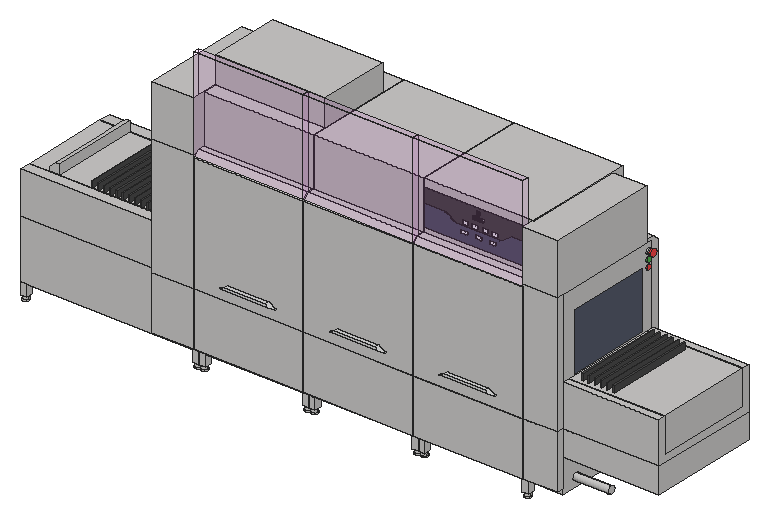
Revit family "QF_ELECTROLUXPROFESSIONAL_520708_EFTD052EL2U2D1M5R385", category Attrezzature speciali, Revit 2020
Family settings
  Quota connettore circolare = Usa diametro
  Tipo di parte = Normale
  Basato su piano di lavoro = No
  Sempre verticale = Sì
  Taglio con vuoti quando caricato = No
  Condiviso = No
  Punto di calcolo locali = No
Parameters (values of type "Standard")
  Weight = 923.00 kg
  Watts = 46500 W
  Volts = 380 V
  URL Manufacturer = "https://www.electroluxprofessional.com/"
  URL = "https://www.electroluxprofessional.com/"
  Steam Supply Size = 0 mm
  Steam Supply Minimum Pressure = 0.0 Pa
  Steam Supply Maximum Pressure = 0.0 Pa
  Steam Consumption per Hour = 0
  Show Logo [instance] = yes
  Show Clearance [instance] = yes
  Refrigeration Suction Line Size = 0 mm
  Refrigeration Liquid Line Size = 0 mm
  Refrigerant Compressor Remote = yes
  Prospetto di default = 0 mm
  Produttore = "Electrolux Professional"
  Phase = 3
  Modello = "EFTD052EL2U2D1M5R385"
  Length Actual = 4650 mm  # constant formula
  Item Number = "520708"
  Hot Water Size = 0 mm
  Height Actual = 1983 mm  # constant formula
  HP = "62.4 HP"
  Gas Size = 0 mm
  Gas KW = 0
  Gas Input Pressure = 0 W
  Direct Waste Size = 50.8 mm
  Descrizione = "FT, 1Tank, 5200D/H, El., 950mm loading, 1300mm unloading, 1Dryer, 55mm conveyor,R>L,380V50Hz3P"
  Depth Actual = 946 mm  # constant formula
  Cycle = 50 Hz
  Condensate Return Size = 0 mm
  Compressed Air Volume = 0.0 L/s
  Compressed Air Size = 0 mm
  Compressed Air Pressure = 0.0 Pa
  Cold Water Size = 0 mm
  Accessory = yes
Reference planes
  plane 1 "Centro (Fronte/Retro)": y = 0
  plane 2: z = 0
  plane 3 "Centro (Sinistra/Destra)": x = 0
  plane 4: z = 115
Forms (mm)
  Extrusion 1, solid, material "QF_Finishes_Stainless Steel"
    sketch origin (2582.404, 2, 1806.023) x (1, 0, 0) y (0, 0, 1)
      loop
        line (407.596, -163.023) -> (407.596, -183.023) -> (427.596, -183.023) -> (427.596, -163.023) -> (407.596, -163.023)
    from 0 to 2
  Extrusion 2, solid, material "QF_Finishes_Stainless Steel"
    sketch origin (-5.617, 22.464, 1290.159) x (0, 0, -1) y (0, 1, 0)
      loop
        circle (1102.159, -772.464) r 25
    from -9.383 to 5.617
  Extrusion 3, solid, material "QF_Finishes_Stainless Steel"
    sketch origin (3242.404, 2, 337.984) x (1, 0, 0) y (0, 0, 1)
      loop
        line (407.596, -163.023) -> (407.596, -183.023) -> (427.596, -183.023) -> (427.596, -163.023) -> (407.596, -163.023)
    from 0 to 2
  Extrusion 4, solid, material "QF_Finishes_Stainless Steel"
    sketch origin (647.841, 200.464, 109.383) x (1, 0, 0) y (0, 1, 0)
      loop
        circle (1102.159, -772.464) r 10
    from -9.383 to 5.617
  Extrusion 5, solid, material "QF_Finishes_Stainless Steel"
    sketch origin (718.841, 200.464, 109.383) x (1, 0, 0) y (0, 1, 0)
      loop
        circle (1102.159, -772.464) r 10
    from -9.383 to 5.617
  Extrusion 6, solid, material "QF_Finishes_Stainless Steel"
    sketch origin (4205.617, -1522.464, 1290.159) x (0, 0, -1) y (0, -1, 0)
      loop
        circle (1102.159, -772.464) r 25
    from -9.383 to 255.617
Dimensions and locks
  plane 4 to level = 115 mm
  aligned and locked: level to plane 2
Nested families
  nested 1: "MODULO_CENTER_800_FAN" at (1683.563, -388.258, 0), Show Clearance <- "Show Clearance", type "MODULO_CENTER_800_FAN"
    with Show Logo yes, Show Clearance yes, R_L no, L_R yes
  nested 2: "MODULO_CENTER_800" at (3283.563, -388.258, 0), Show Clearance <- "Show Clearance", type "MODULO_CENTER_800"
    with Show Logo yes, Show Clearance yes, R_L no, L_R yes
  nested 3: "MODULO_ENTRY_DISH_950" at (4091.437, -523.742, 0) x (-1, 0, 0) z (0, 0, 1), type "MODULO_ENTRY_DISH_950"
    with Show Logo yes, Show Clearance yes, R_L no, L_R yes
  nested 4: "MODULO_USCITA_DISH_1300" at (941.437, -523.742, 0) x (-1, 0, 0) z (0, 0, 1), type "MODULO_USCITA_DISH_1300"
    with Show Logo yes, Show Clearance yes, R_L yes, L_R no
  nested 5: "Piedino_Square_115H" at (23.5, -838.5, 0), type "Piedino_Square_115H"
  nested 6: "Piedino_Square_115H" at (23.5, -73.5, 0), type "Piedino_Square_115H"
  nested 7: "Piedino_Square_115H" at (1276.5, -838.5, 0), type "Piedino_Square_115H"
  nested 8: "Piedino_Square_115H" at (1276.5, -73.5, 0), type "Piedino_Square_115H"
  nested 9: "Piedino_Square_115H" at (1323.5, -838.5, 0), type "Piedino_Square_115H"
  nested 10: "Piedino_Square_115H" at (1323.5, -73.5, 0), type "Piedino_Square_115H"
  nested 11: "Piedino_Square_115H" at (2076.5, -838.5, 0), type "Piedino_Square_115H"
  nested 12: "Piedino_Square_115H" at (2076.5, -73.5, 0), type "Piedino_Square_115H"
  nested 13: "Piedino_Square_115H" at (2123.5, -838.5, 0) x (-1, 0, 0) z (0, 0, 1), type "Piedino_Square_115H"
  nested 14: "Piedino_Square_115H" at (2123.5, -73.5, 0) x (-1, 0, 0) z (0, 0, 1), type "Piedino_Square_115H"
  nested 15: "Piedino_Square_115H" at (2876.5, -838.5, 0) x (-1, 0, 0) z (0, 0, 1), type "Piedino_Square_115H"
  nested 16: "Piedino_Square_115H" at (2876.5, -73.5, 0) x (-1, 0, 0) z (0, 0, 1), type "Piedino_Square_115H"
  nested 17: "Piedino_Square_115H" at (2923.5, -838.5, 0), type "Piedino_Square_115H"
  nested 18: "Piedino_Square_115H" at (2923.5, -73.5, 0), type "Piedino_Square_115H"
  nested 19: "Piedino_Square_115H" at (3676.5, -838.5, 0), type "Piedino_Square_115H"
  nested 20: "Piedino_Square_115H" at (3676.5, -73.5, 0), type "Piedino_Square_115H"
  nested 21: "MANIGLIA_FLIGHT_400" at (3300, -912, 639.28) x (1, 0, 0) z (0, -1, 0), type "MANIGLIA_FLIGHT_400"
  nested 22: "MANIGLIA_FLIGHT_400" at (2500, -912, 639.28) x (1, 0, 0) z (0, -1, 0), type "MANIGLIA_FLIGHT_400"
  nested 23: "MANIGLIA_FLIGHT_400" at (1700, -912, 639.28) x (1, 0, 0) z (0, -1, 0), type "MANIGLIA_FLIGHT_400"
  nested 24: "Schermo_Flight_800" at (3300, -815, 1583) x (1, 0, 0) z (0, -1, 0), type "Schermo_Flight_800"
  nested 25: "ELX_LOGO_WORDS_WHITE" at (3300, -816.6, 1663) x (1, 0, 0) z (0, -1, 0), Show Logo <- "Show Logo", visible <- "Show Logo", type "ELX_LOGO_WORDS_WHITE"
    with Show Logo yes
  nested 26: "ELX_LOGO_MONO_SMALL_WHITE" at (3290.08, -816.6, 1649) x (-1, 0, 0) z (0, -1, 0), Show Logo <- "Show Logo", visible <- "Show Logo", type "ELX_LOGO_MONO_SMALL_WHITE"
    with Show Logo yes
  nested 27: "MODULO_CENTER_800" at (2516.437, -388.258, 0) x (-1, 0, 0) z (0, 0, 1), Show Clearance <- "Show Clearance", type "MODULO_CENTER_800"
    with Show Logo yes, Show Clearance yes, R_L no, L_R yes
Connectors
  electrical at (3000, 2, 1633)
    settings: on Extrusion 1, index 69, voltage 0 V, apparent load 0 VA, apparent load phase1 0 VA, apparent load phase2 0 VA, apparent load phase3 0 VA, power factor 1, load classification "Altro", number of poles 1, system type 30, power factor state 1, is connector primary yes, connector utility no, sub classification motor no, connector description "EI"
  piping at (-15, -750, 188), diameter 50
    settings: on Extrusion 2, index 70, connector inside diameter 609.6 mm, connector length 0 mm, flow factor 0, pipe flow 0.0 L/s, pressure drop 0.0 Pa, fitting loss kfactor 0, connector angle 0.00°, fixture units 0, engagement length 0 mm, angle of deflection 0.00°, flow configuration 0, flow direction 0, fitting loss method 0, system type 29, joint type 0, gender type 0, connector reference index -1, connector utility 0, adjustable connector no, is connector primary yes, connector description "D"
  electrical at (3660, 2, 164.961)
    settings: on Extrusion 3, index 71, voltage 0 V, apparent load 0 VA, apparent load phase1 0 VA, apparent load phase2 0 VA, apparent load phase3 0 VA, power factor 1, load classification "Altro", number of poles 1, system type 30, power factor state 1, is connector primary no, connector utility no, sub classification motor no, connector description "EQ"
  piping at (1750, -572, 100), diameter 19.1
    settings: on Extrusion 4, index 72, connector inside diameter 609.6 mm, connector length 0 mm, flow factor 0, pipe flow 0.0 L/s, pressure drop 0.0 Pa, fitting loss kfactor 0, connector angle 0.00°, fixture units 0, engagement length 0 mm, angle of deflection 0.00°, flow configuration 0, flow direction 0, fitting loss method 0, system type 29, joint type 0, gender type 0, connector reference index -1, connector utility 0, adjustable connector no, is connector primary no, connector description "HWI/CWI"
  piping at (1821, -572, 100), diameter 19.1
    settings: on Extrusion 5, index 73, connector inside diameter 609.6 mm, connector length 0 mm, flow factor 0, pipe flow 0.0 L/s, pressure drop 0.0 Pa, fitting loss kfactor 0, connector angle 0.00°, fixture units 0, engagement length 0 mm, angle of deflection 0.00°, flow configuration 0, flow direction 0, fitting loss method 0, system type 29, joint type 0, gender type 0, connector reference index -1, connector utility 0, adjustable connector no, is connector primary no, connector description "HWI/CWI"
  piping at (4215, -750, 188), diameter 50
    settings: on Extrusion 6, index 74, connector inside diameter 609.6 mm, connector length 0 mm, flow factor 0, pipe flow 0.0 L/s, pressure drop 0.0 Pa, fitting loss kfactor 0, connector angle 0.00°, fixture units 0, engagement length 0 mm, angle of deflection 0.00°, flow configuration 0, flow direction 0, fitting loss method 0, system type 29, joint type 0, gender type 0, connector reference index -1, connector utility 0, adjustable connector no, is connector primary no, connector description ""
Definition of nested family "MODULO_CENTER_800_FAN"
  Parameters (values of type "MODULO_CENTER_800_FAN")
    URL = "http://professional.electrolux.com"
    Show Logo [instance] = yes
    R_L [instance] = not(L_R)  # no
    Default Elevation = 0 mm
    Manufacturer = "Electrolux"
    Model = "ESR10E5"
    Length Actual = 800 mm
    Show Clearance [instance] = yes
    L_R [instance] = yes
    Height Actual = 1792 mm
    Description = "SINGLE RINSE RT, 100R/H, ELECTRIC 50HZ"
    Depth Actual = 912 mm
  Reference planes
    plane 1 "Center X": y = -67.742
    plane 2: z = 0
    plane 3 "LEFT": x = -383.563
    plane 4 "RIGHT": x = 416.437
    plane 5 "BACK": y = 388.258
    plane 6 "FEET": z = 115
    plane 7: z = 2092
    plane 8 "TOP": z = 1792
    plane 9 "FRONT": y = -523.742
    plane 10 "Left/Right": x = 16.437
    plane 11 "TopVent": z = 1983
  Forms (mm)
    Extrusion 1, solid
      sketch origin (416.437, 479.936, 4000) x (0, 1, 0) y (0, 0, 1)
        loop
          line (-91.678, -2208) -> (-906.678, -2208) -> (-906.678, -2580) -> (-91.678, -2580) -> (-91.678, -2208)
      from -800 to 0
    Extrusion 2, solid
      sketch origin (-383.563, 437.565, 3910) x (0, 1, 0) y (0, 0, 1)
        loop
          line (-99.307, -2490) -> (-911.307, -2490) -> (-911.307, -3552) -> (-99.307, -3552) -> (-99.307, -2490)
      from 800 to 0
    Extrusion 3, solid
      sketch origin (416.437, 479.936, 4299) x (0, 1, 0) y (0, 0, 1)
        loop
          line (-278.21, -2316) -> (-803.678, -2316) -> (-803.678, -2507) -> (-278.21, -2507) -> (-278.21, -2316)
      from -800 to 0
    Extrusion 4, solid
      sketch origin (16.437, 0, 1.5) x (0, 0, 1) y (0, -1, 0)
        loop
          line (356.5, -338.258) -> (356.5, 473.742) -> (113.5, 473.742) -> (113.5, -338.258) -> (356.5, -338.258)
      from 400 to -400
    Extrusion 5, solid
      sketch origin (16.437, 0, 0) x (0, 0, 1) y (0, -1, 0)
        loop
          line (1420, -338.258) -> (545, -338.258) -> (545, -388.258) -> (1420, -388.258) -> (1420, -338.258)
      from -400 to 400
    Extrusion 6, solid
      sketch origin (16.437, 0, 0) x (0, 0, 1) y (0, -1, 0)
        loop
          line (545, -388.258) -> (545, -338.258) -> (154, -338.258) -> (154, -388.258) -> (545, -388.258)
      from -400 to 400
    Extrusion 7, solid
      sketch origin (16.437, -882.484, -150) x (0, -1, 0) y (0, 0, 1)
        loop
          line (-358.742, 304) -> (-358.742, 695) -> (-408.742, 695) -> (-408.742, 304) -> (-358.742, 304)
      from -400 to 400
    Extrusion 8, solid
      sketch origin (16.437, -882.484, -151) x (0, -1, 0) y (0, 0, 1)
        loop
          line (-408.742, 1571) -> (-408.742, 696) -> (-358.742, 696) -> (-358.742, 1556) -> (-395.742, 1593) -> (-443.742, 1593) -> (-443.742, 1571) -> (-408.742, 1571)
      from -400 to 400
    Extrusion 9, solid, visible <- "Show Clearance"
      sketch origin (16.437, -882.484, 452) x (0, -1, 0) y (0, 0, 1)
        loop
          line (-408.742, 1640) -> (-408.742, 953.624) -> (-358.742, 953.624) -> (-358.742, 1640) -> (-408.742, 1640)
      from -400 to 400
  Dimensions and locks
    plane 3 "LEFT" to plane 4 "RIGHT" = 800 mm
    plane 5 "BACK" to plane 1 "Center X" to plane 9 "FRONT" = 456 mm, 456 mm
    plane 6 "FEET" to level = 115 mm  (x2)
    plane 6 "FEET" to plane 8 "TOP" = 1677 mm
    plane 5 "BACK" to plane 9 "FRONT" = 912 mm  (x2)
    plane 4 "RIGHT" to plane 3 "LEFT" = 800 mm
    plane 9 "FRONT" to plane 5 "BACK" = 912 mm
    level to plane 8 "TOP" = 1792 mm  (x2)
    plane 7 to level = 2092 mm
    plane 11 "TopVent" to plane 2 = 1983 mm
    plane 7 to plane 2 = 2092 mm
    Extrusion 2 to level = 1420 mm
    Extrusion 8 to level = 1442 mm
    plane 11 "TopVent" to level = 1983 mm
    aligned and locked: level to plane 2
Definition of nested family "MODULO_CENTER_800"
  Parameters (values of type "MODULO_CENTER_800")
    URL = "http://professional.electrolux.com"
    Show Logo [instance] = yes
    R_L [instance] = not(L_R)  # no
    Default Elevation = 0 mm
    Manufacturer = "Electrolux"
    Model = "ESR10E5"
    Length Actual = 800 mm
    Show Clearance [instance] = yes
    L_R [instance] = yes
    Height Actual = 1792 mm
    Description = "SINGLE RINSE RT, 100R/H, ELECTRIC 50HZ"
    Depth Actual = 912 mm
  Reference planes
    plane 1 "Center X": y = -67.742
    plane 2: z = 0
    plane 3 "LEFT": x = -383.563
    plane 4 "RIGHT": x = 416.437
    plane 5 "BACK": y = 388.258
    plane 6 "FEET": z = 115
    plane 7: z = 2092
    plane 8 "TOP": z = 1792
    plane 9 "FRONT": y = -523.742
    plane 10 "Left/Right": x = 16.437
  Forms (mm)
    Extrusion 1, solid
      sketch origin (416.437, 479.936, 4000) x (0, 1, 0) y (0, 0, 1)
        loop
          line (-91.678, -2208) -> (-906.678, -2208) -> (-906.678, -2580) -> (-91.678, -2580) -> (-91.678, -2208)
      from -800 to 0
    Extrusion 2, solid
      sketch origin (-383.563, 437.565, 3915) x (0, 1, 0) y (0, 0, 1)
        loop
          line (-99.307, -2495) -> (-911.307, -2495) -> (-911.307, -3557) -> (-99.307, -3557) -> (-99.307, -2495)
      from 800 to 0
    Extrusion 3, solid
      sketch origin (16.437, 0, 1.5) x (0, 0, 1) y (0, -1, 0)
        loop
          line (356.5, -338.258) -> (356.5, 473.742) -> (113.5, 473.742) -> (113.5, -338.258) -> (356.5, -338.258)
      from 400 to -400
    Extrusion 4, solid
      sketch origin (16.437, 0, 0) x (0, 0, 1) y (0, -1, 0)
        loop
          line (1420, -338.258) -> (545, -338.258) -> (545, -388.258) -> (1420, -388.258) -> (1420, -338.258)
      from -400 to 400
    Extrusion 5, solid
      sketch origin (16.437, 0, 0) x (0, 0, 1) y (0, -1, 0)
        loop
          line (545, -388.258) -> (545, -338.258) -> (154, -338.258) -> (154, -388.258) -> (545, -388.258)
      from -400 to 400
    Extrusion 6, solid
      sketch origin (16.437, -882.484, -150) x (0, -1, 0) y (0, 0, 1)
        loop
          line (-358.742, 304) -> (-358.742, 695) -> (-408.742, 695) -> (-408.742, 304) -> (-358.742, 304)
      from -400 to 400
    Extrusion 7, solid
      sketch origin (16.437, -882.484, -151) x (0, -1, 0) y (0, 0, 1)
        loop
          line (-408.742, 1571) -> (-408.742, 696) -> (-358.742, 696) -> (-358.742, 1556) -> (-395.742, 1593) -> (-443.742, 1593) -> (-443.742, 1571) -> (-408.742, 1571)
      from -400 to 400
    Extrusion 8, solid, visible <- "Show Clearance"
      sketch origin (16.437, -882.484, 452) x (0, -1, 0) y (0, 0, 1)
        loop
          line (-408.742, 1640) -> (-408.742, 953.624) -> (-358.742, 953.624) -> (-358.742, 1640) -> (-408.742, 1640)
      from -400 to 400
  Dimensions and locks
    plane 3 "LEFT" to plane 4 "RIGHT" = 800 mm
    plane 5 "BACK" to plane 1 "Center X" to plane 9 "FRONT" = 456 mm, 456 mm
    plane 6 "FEET" to level = 115 mm  (x2)
    plane 6 "FEET" to plane 8 "TOP" = 1677 mm
    plane 5 "BACK" to plane 9 "FRONT" = 912 mm  (x2)
    plane 4 "RIGHT" to plane 3 "LEFT" = 800 mm
    plane 9 "FRONT" to plane 5 "BACK" = 912 mm
    level to plane 8 "TOP" = 1792 mm  (x2)
    plane 7 to level = 2092 mm
    plane 7 to plane 2 = 2092 mm
    Extrusion 2 to level = 1420 mm
    Extrusion 7 to level = 1442 mm
    aligned and locked: level to plane 2
Definition of nested family "MODULO_ENTRY_DISH_950"
  Parameters (values of type "MODULO_ENTRY_DISH_950")
    URL = "http://professional.electrolux.com"
    Show Logo [instance] = yes
    R_L [instance] = not(L_R)  # no
    Default Elevation = 0 mm
    Manufacturer = "Electrolux"
    Model = "ESR10E5"
    Length Actual = 800 mm
    Show Clearance [instance] = yes
    L_R [instance] = yes
    Height Actual = 1792 mm
    Description = "SINGLE RINSE RT, 100R/H, ELECTRIC 50HZ"
    Depth Actual = 912 mm
  Reference planes
    plane 1 "Center (Front/Back)": y = -67.742
    plane 2: z = 0
    plane 3 "LEFT": x = -558.563
    plane 4 "RIGHT": x = 391.437
    plane 5 "BACK": y = 388.258
    plane 6 "FRONT": y = -523.742
    plane 7 "BUTTONS": y = -427.742
    plane 8: z = 115
    plane 9 "2": y = 292.258
  Forms (mm)
    Extrusion 1, solid, visible <- "L_R"
      sketch origin (391.437, 479.936, 4000) x (0, 1, 0) y (0, 0, 1)
        loop
          line (-91.678, -2208) -> (-906.678, -2208) -> (-906.678, -2580) -> (-91.678, -2580) -> (-91.678, -2208)
      from -250 to 0
    Extrusion 2, solid
      sketch origin (-358.563, 437.565, 3910) x (0, 1, 0) y (0, 0, 1)
        loop
          line (-99.307, -2490) -> (-911.307, -2490) -> (-911.307, -3552) -> (-99.307, -3552) -> (-99.307, -2490)
      from 750 to 500
    Extrusion 3, solid
      sketch origin (-558.563, 437.565, 3910) x (0, 1, 0) y (0, 0, 1)
        loop
          line (-99.307, -3365) -> (-99.307, -3060) -> (-149.307, -3060) -> (-149.307, -3315) -> (-861.307, -3315) -> (-861.307, -3060) -> (-911.307, -3060) -> (-911.307, -3365) -> (-99.307, -3365)
      from 700 to 0
    Extrusion 4, solid
      sketch origin (16.437, 0, -4.987) x (0, 0, 1) y (0, -1, 0)
        loop
          line (362.987, -338.258) -> (362.987, 473.742) -> (119.987, 473.742) -> (119.987, -338.258) -> (362.987, -338.258)
      from 375 to 125
    Extrusion 5, solid, visible <- "L_R"
      sketch origin (16.437, 0, 0) x (0, 0, 1) y (0, -1, 0)
        loop
          line (1420, -338.258) -> (545, -338.258) -> (545, -388.258) -> (1420, -388.258) -> (1420, -338.258)
      from 125 to 375
    Extrusion 6, solid
      sketch origin (16.437, 0, 0) x (0, 0, 1) y (0, -1, 0)
        loop
          line (545, -388.258) -> (545, -338.258) -> (154, -338.258) -> (154, -388.258) -> (545, -388.258)
      from 125 to 375
    Extrusion 7, solid
      sketch origin (-558.563, 437.565, 3607.258) x (0, 1, 0) y (0, 0, 1)
        loop
          line (-99.307, -3249.258) -> (-99.307, -3062.258) -> (-911.307, -3062.258) -> (-911.307, -3249.258) -> (-99.307, -3249.258)
      from 700 to 0
    Extrusion 8, solid
      sketch origin (-558.563, 437.565, 4000) x (0, 1, 0) y (0, 0, 1)
        loop
          line (-149.307, -3150) -> (-861.307, -3150) -> (-861.307, -3405) -> (-149.307, -3405) -> (-149.307, -3150)
      from 0 to 700
    Extrusion 9, solid
      sketch origin (266.437, -882.484, -150) x (0, -1, 0) y (0, 0, 1)
        loop
          line (-358.742, 304) -> (-358.742, 695) -> (-408.742, 695) -> (-408.742, 304) -> (-358.742, 304)
      from -125 to 125
    Extrusion 10, solid, visible <- "L_R"
      sketch origin (266.437, -882.484, -151) x (0, -1, 0) y (0, 0, 1)
        loop
          line (-408.742, 1571) -> (-408.742, 696) -> (-358.742, 696) -> (-358.742, 1556) -> (-395.742, 1593) -> (-443.742, 1593) -> (-443.742, 1571) -> (-408.742, 1571)
      from -125 to 125
    Extrusion 11, solid
      sketch origin (-358.563, 437.565, 4000) x (0, 1, 0) y (0, 0, 1)
        loop
          line (-199.307, -2725.701) -> (-811.307, -2725.701) -> (-811.307, -3137.701) -> (-199.307, -3137.701) -> (-199.307, -2725.701)
      from 495.458 to 500
    Extrusion 12, solid, visible <- "R_L"
      sketch origin (266.437, 747, -151) x (0, 1, 0) y (0, 0, -1)
        loop
          line (-408.742, -1571) -> (-443.742, -1571) -> (-443.742, -1593) -> (-395.742, -1593) -> (-358.742, -1556) -> (-358.742, -696) -> (-408.742, -696) -> (-408.742, -1571)
      from -125 to 125
    Extrusion 13, solid, visible <- "R_L"
      sketch origin (16.437, -135.484, 0) x (0, 0, 1) y (0, -1, 0)
        loop
          line (1420, 338.258) -> (1420, 388.258) -> (545, 388.258) -> (545, 338.258) -> (1420, 338.258)
      from 125 to 375
    Extrusion 14, solid, visible <- "R_L"
      sketch origin (391.437, -615.42, 4000) x (0, -1, 0) y (0, 0, -1)
        loop
          line (-91.678, 2208) -> (-91.678, 2580) -> (-906.678, 2580) -> (-906.678, 2208) -> (-91.678, 2208)
      from -250 to 0
    Extrusion 15, solid
      sketch origin (-191.477, -192.742, -3) x (-1, 0, 0) y (0, 0, 1)
        loop
          line (-26.676, 853) -> (-26.676, 898) -> (-36.676, 898) -> (-36.676, 853) -> (-26.676, 853)
      from -196 to 446
    Extrusion 16, solid
      sketch origin (-146.477, -192.742, -3) x (-1, 0, 0) y (0, 0, 1)
        loop
          line (-26.676, 853) -> (-26.676, 898) -> (-36.676, 898) -> (-36.676, 853) -> (-26.676, 853)
      from -196 to 446
    Extrusion 17, solid
      sketch origin (-101.477, -192.742, -3) x (-1, 0, 0) y (0, 0, 1)
        loop
          line (-26.676, 853) -> (-26.676, 898) -> (-36.676, 898) -> (-36.676, 853) -> (-26.676, 853)
      from -196 to 446
    Extrusion 18, solid
      sketch origin (-56.477, -192.742, -3) x (-1, 0, 0) y (0, 0, 1)
        loop
          line (-26.676, 853) -> (-26.676, 898) -> (-36.676, 898) -> (-36.676, 853) -> (-26.676, 853)
      from -196 to 446
    Extrusion 19, solid
      sketch origin (-11.477, -192.742, -3) x (-1, 0, 0) y (0, 0, 1)
        loop
          line (-26.676, 853) -> (-26.676, 898) -> (-36.676, 898) -> (-36.676, 853) -> (-26.676, 853)
      from -196 to 446
    Extrusion 20, solid
      sketch origin (33.523, -192.742, -3) x (-1, 0, 0) y (0, 0, 1)
        loop
          line (-26.676, 853) -> (-26.676, 898) -> (-36.676, 898) -> (-36.676, 853) -> (-26.676, 853)
      from -196 to 446
  Dimensions and locks
    plane 3 "LEFT" to plane 4 "RIGHT" = 950 mm
    plane 5 "BACK" to plane 1 "Center (Front/Back)" to plane 6 "FRONT" = 456 mm, 456 mm
    plane 5 "BACK" to plane 6 "FRONT" = 912 mm  (x2)
    plane 4 "RIGHT" to plane 3 "LEFT" = 950 mm  (x2)
    plane 6 "FRONT" to plane 5 "BACK" = 912 mm
    plane 8 to level = 115 mm
    Extrusion 1 to level = 1792 mm
    Extrusion 3 to level = 850 mm
    aligned and locked: level to plane 2
  Nested families
    nested 1: "BOTTONE_RED_STOP" at (141.437, -427.742, 1266.906) x (0, -1, 0) z (-1, 0, 0), visible <- "L_R", type "BOTTONE_RED_STOP"
    nested 2: "BOTTONE_EMERGENCY_STOP" at (141.437, -427.742, 1370) x (0, -1, 0) z (-1, 0, 0), visible <- "L_R", type "BOTTONE_EMERGENCY_STOP"
    nested 3: "BOTTONE_GREEN_START" at (141.437, -427.742, 1316.906) x (0, -1, 0) z (-1, 0, 0), visible <- "L_R", type "BOTTONE_GREEN_START"
    nested 4: "BOTTONE_RED_STOP" at (141.437, 292.258, 1267.906) x (0, 1, 0) z (-1, 0, 0), visible <- "R_L", type "BOTTONE_RED_STOP"
    nested 5: "BOTTONE_EMERGENCY_STOP" at (141.437, 292.258, 1371) x (0, 1, 0) z (-1, 0, 0), visible <- "R_L", type "BOTTONE_EMERGENCY_STOP"
    nested 6: "BOTTONE_GREEN_START" at (141.437, 292.258, 1317.906) x (0, 1, 0) z (-1, 0, 0), visible <- "R_L", type "BOTTONE_GREEN_START"
  Definition of nested family "BOTTONE_RED_STOP"
    Parameters (values of type "BOTTONE_RED_STOP")
      Default Elevation = 1219.2 mm
    Reference planes
      plane 1 "Centro (Fronte/Retro)": y = 0
      plane 2: z = 0
      plane 3 "Centro (Sinistra/Destra)": x = 0
    Forms (mm)
      Extrusion 1, solid
        sketch origin (0, 0, 0) x (1, 0, 0) y (0, 1, 0)
          loop
            line (-1219.2, 1219.2) -> (-1219.2, -1219.2) -> (1219.2, -1219.2) -> (1219.2, 1219.2) -> (-1219.2, 1219.2)
        from 0 to -304.8
      Extrusion 2, solid
        sketch origin (-367.513, 69.533, 15) x (-1, 0, 0) y (0, 1, 0)
          loop
            circle (-367.513, -69.533) r 15
        from 0 to 15
    Dimensions and locks
      aligned and locked: plane 2 to Extrusion 1
      aligned and locked: level to Extrusion 1
  Definition of nested family "BOTTONE_EMERGENCY_STOP"
    Parameters
      Default Elevation = 1219.2 mm
    Reference planes
      plane 1 "Centro (Fronte/Retro)": y = 0
      plane 2: z = 0
      plane 3 "Centro (Sinistra/Destra)": x = 0
    Forms (mm)
      Extrusion 1, solid
        sketch origin (0, 0, 0) x (1, 0, 0) y (0, 1, 0)
          loop
            line (-1219.2, 1219.2) -> (-1219.2, -1219.2) -> (1219.2, -1219.2) -> (1219.2, 1219.2) -> (-1219.2, 1219.2)
        from 0 to -304.8
      Extrusion 2, solid
        sketch origin (0, 0, 0) x (1, 0, 0) y (0, 1, 0)
          loop
            circle (0, 0) r 15
        from 0 to 20.273
      Blend 3, solid
        base sketch origin (-49.801, 0, 0) x (1, 0, 0) y (0, 1, 0)
          loop
            circle (49.801, 0) r 15
        top sketch origin (-49.801, 0, 0) x (1, 0, 0) y (0, 1, 0)
          loop
            circle (49.801, 0) r 25
        from 20.273 to 47.605
    Dimensions and locks
      aligned and locked: plane 2 to Extrusion 1
      aligned and locked: level to Extrusion 1
  Definition of nested family "BOTTONE_GREEN_START"
    Parameters (values of type "BOTTONE_GREEN_START")
      Default Elevation = 1219.2 mm
    Reference planes
      plane 1 "Centro (Fronte/Retro)": y = 0
      plane 2: z = 0
      plane 3 "Centro (Sinistra/Destra)": x = 0
    Forms (mm)
      Extrusion 1, solid
        sketch origin (0, 0, 0) x (1, 0, 0) y (0, 1, 0)
          loop
            line (-1219.2, 1219.2) -> (-1219.2, -1219.2) -> (1219.2, -1219.2) -> (1219.2, 1219.2) -> (-1219.2, 1219.2)
        from 0 to -304.8
      Extrusion 2, solid
        sketch origin (-367.513, 69.533, 15) x (-1, 0, 0) y (0, 1, 0)
          loop
            circle (-367.513, -69.533) r 15
        from 0 to 15
    Dimensions and locks
      aligned and locked: plane 2 to Extrusion 1
      aligned and locked: level to Extrusion 1
Definition of nested family "MODULO_USCITA_DISH_1300"
  Parameters (values of type "MODULO_USCITA_DISH_1300")
    URL = "http://professional.electrolux.com"
    Show Logo [instance] = yes
    R_L [instance] = not(L_R)  # yes
    Default Elevation = 0 mm
    Manufacturer = "Electrolux"
    Model = "ESR10E5"
    Length Actual = 800 mm
    Show Clearance [instance] = yes
    L_R [instance] = no
    Height Actual = 1792 mm
    Description = "SINGLE RINSE RT, 100R/H, ELECTRIC 50HZ"
    Depth Actual = 912 mm
  Reference planes
    plane 1 "Center (Front/Back)": y = -67.742
    plane 2: z = 0
    plane 3 "LEFT": x = -358.563
    plane 4 "BACK": y = 388.258
    plane 5 "FEET": z = 115
    plane 6 "TOP": z = 1792
    plane 7 "FRONT": y = -523.742
    plane 8 "Left/Right": x = 16.437
    plane 9: x = -358.563
    plane 10: y = -427.742
    plane 11 "RIGHT": x = 941.437
  Forms (mm)
    Extrusion 1, solid, visible <- "R_L"
      sketch origin (-358.563, 479.936, 4003) x (0, 1, 0) y (0, 0, -1)
        loop
          line (-91.678, 2211) -> (-91.678, 2583) -> (-906.678, 2583) -> (-906.678, 2211) -> (-91.678, 2211)
      from -300 to 0
    Extrusion 2, solid
      sketch origin (-358.563, 437.565, 4003) x (0, 1, 0) y (0, 0, 1)
        loop
          line (-99.307, -3458) -> (-911.307, -3458) -> (-911.307, -3888) -> (-99.307, -3888) -> (-99.307, -3458)
      from 300 to 0
    Extrusion 3, solid
      sketch origin (-358.563, 479.936, 4003) x (0, 1, 0) y (0, 0, -1)
        loop
          line (-141.678, 2583) -> (-141.678, 3458) -> (-953.678, 3458) -> (-953.678, 2583) -> (-141.678, 2583)
      from -300 to 0
    Extrusion 4, solid
      sketch origin (391.437, 437.565, 3913) x (0, 1, 0) y (0, 0, -1)
        loop
          line (-99.307, 3368) -> (-911.307, 3368) -> (-911.307, 3063) -> (-826.307, 3063) -> (-826.307, 3318) -> (-184.307, 3318) -> (-184.307, 3063) -> (-99.307, 3063) -> (-99.307, 3368)
      from 450 to -550
    Extrusion 5, solid, visible <- "R_L"
      sketch origin (16.437, 0, 3) x (0, 0, 1) y (0, 1, 0)
        loop
          line (1417, 338.258) -> (1417, 388.258) -> (542, 388.258) -> (542, 338.258) -> (1417, 338.258)
      from 75 to 375
    Extrusion 6, solid
      sketch origin (16.437, 0, 3) x (0, 0, 1) y (0, 1, 0)
        loop
          line (542, 388.258) -> (151, 388.258) -> (151, 338.258) -> (542, 338.258) -> (542, 388.258)
      from 75 to 375
    Extrusion 7, solid
      sketch origin (391.437, 437.565, 3610.258) x (0, 1, 0) y (0, 0, -1)
        loop
          line (-99.307, 3495.258) -> (-911.307, 3495.258) -> (-911.307, 3065.258) -> (-99.307, 3065.258) -> (-99.307, 3495.258)
      from 450 to -550
    Extrusion 8, solid
      sketch origin (991.437, 0, 3) x (0, 1, 0) y (0, 0, 1)
        loop
          line (253.258, 847) -> (-388.742, 847) -> (-388.742, 592) -> (253.258, 592) -> (253.258, 847)
      from -50 to -1050
    Extrusion 9, solid
      sketch origin (-358.563, 437.565, 3928) x (0, 1, 0) y (0, 0, 1)
        loop
          line (-811.307, -3065.701) -> (-199.307, -3065.701) -> (-199.307, -2653.701) -> (-811.307, -2653.701) -> (-811.307, -3065.701)
      from 300 to 304.77
    Extrusion 10, solid
      sketch origin (-208.563, -115, -147) x (0, 1, 0) y (0, 0, 1)
        loop
          line (-358.742, 301) -> (-358.742, 692) -> (-408.742, 692) -> (-408.742, 301) -> (-358.742, 301)
      from -150 to 150
    Extrusion 11, solid, visible <- "R_L"
      sketch origin (-208.563, -882.484, -151) x (0, -1, 0) y (0, 0, 1)
        loop
          line (-408.742, 1571) -> (-408.742, 696) -> (-358.742, 696) -> (-358.742, 1556) -> (-395.742, 1593) -> (-443.742, 1593) -> (-443.742, 1571) -> (-408.742, 1571)
      from -150 to 150
    Extrusion 12, solid
      sketch origin (-39.574, -192.742, -3) x (-1, 0, 0) y (0, 0, 1)
        loop
          line (-26.676, 853) -> (-26.676, 898) -> (-36.676, 898) -> (-36.676, 853) -> (-26.676, 853)
      from -196 to 446
    Extrusion 13, solid
      sketch origin (5.426, -192.742, -3) x (-1, 0, 0) y (0, 0, 1)
        loop
          line (-26.676, 853) -> (-26.676, 898) -> (-36.676, 898) -> (-36.676, 853) -> (-26.676, 853)
      from -196 to 446
    Extrusion 14, solid
      sketch origin (50.426, -192.742, -3) x (-1, 0, 0) y (0, 0, 1)
        loop
          line (-26.676, 853) -> (-26.676, 898) -> (-36.676, 898) -> (-36.676, 853) -> (-26.676, 853)
      from -196 to 446
    Extrusion 15, solid
      sketch origin (95.426, -192.742, -3) x (-1, 0, 0) y (0, 0, 1)
        loop
          line (-26.676, 853) -> (-26.676, 898) -> (-36.676, 898) -> (-36.676, 853) -> (-26.676, 853)
      from -196 to 446
    Extrusion 16, solid
      sketch origin (140.426, -192.742, -3) x (-1, 0, 0) y (0, 0, 1)
        loop
          line (-26.676, 853) -> (-26.676, 898) -> (-36.676, 898) -> (-36.676, 853) -> (-26.676, 853)
      from -196 to 446
    Extrusion 17, solid
      sketch origin (185.426, -192.742, -3) x (-1, 0, 0) y (0, 0, 1)
        loop
          line (-26.676, 853) -> (-26.676, 898) -> (-36.676, 898) -> (-36.676, 853) -> (-26.676, 853)
      from -196 to 446
    Extrusion 18, solid
      sketch origin (230.426, -192.742, -3) x (-1, 0, 0) y (0, 0, 1)
        loop
          line (-26.676, 853) -> (-26.676, 898) -> (-36.676, 898) -> (-36.676, 853) -> (-26.676, 853)
      from -196 to 446
    Extrusion 19, solid
      sketch origin (275.426, -192.742, -3) x (-1, 0, 0) y (0, 0, 1)
        loop
          line (-26.676, 853) -> (-26.676, 898) -> (-36.676, 898) -> (-36.676, 853) -> (-26.676, 853)
      from -196 to 446
    Revolve 20, solid
      sketch origin (295, 0, 850) x (1, 0, 0) y (0, 1, 0)
        loop
          line (430.204, 253.258) -> (430.204, -388.742) -> (502.335, -388.742) -> (502.335, 253.258) -> (430.204, 253.258)
        axis (430.204, 253.258) -> (430.204, -388.742)
      angle from 0 to -90
    Extrusion 21, solid, visible <- "L_R"
      sketch origin (-208.563, 747, -151) x (0, 1, 0) y (0, 0, -1)
        loop
          line (-408.742, -1571) -> (-443.742, -1571) -> (-443.742, -1593) -> (-395.742, -1593) -> (-358.742, -1556) -> (-358.742, -696) -> (-408.742, -696) -> (-408.742, -1571)
      from -150 to 150
    Extrusion 22, solid, visible <- "L_R"
      sketch origin (16.437, -135.484, 3) x (0, 0, 1) y (0, 1, 0)
        loop
          line (1417, -338.258) -> (542, -338.258) -> (542, -388.258) -> (1417, -388.258) -> (1417, -338.258)
      from 75 to 375
    Extrusion 23, solid, visible <- "L_R"
      sketch origin (-358.563, -615.42, 4003) x (0, -1, 0) y (0, 0, 1)
        loop
          line (-91.678, -2211) -> (-906.678, -2211) -> (-906.678, -2583) -> (-91.678, -2583) -> (-91.678, -2211)
      from -300 to 0
    Extrusion 24, solid
      sketch origin (320.426, -192.742, -3) x (-1, 0, 0) y (0, 0, 1)
        loop
          line (-26.676, 853) -> (-26.676, 898) -> (-36.676, 898) -> (-36.676, 853) -> (-26.676, 853)
      from -196 to 446
    Extrusion 25, solid
      sketch origin (365.426, -192.742, -3) x (-1, 0, 0) y (0, 0, 1)
        loop
          line (-26.676, 853) -> (-26.676, 898) -> (-36.676, 898) -> (-36.676, 853) -> (-26.676, 853)
      from -196 to 446
    Extrusion 26, solid
      sketch origin (410.426, -192.742, -3) x (-1, 0, 0) y (0, 0, 1)
        loop
          line (-26.676, 853) -> (-26.676, 898) -> (-36.676, 898) -> (-36.676, 853) -> (-26.676, 853)
      from -196 to 446
    Extrusion 27, solid
      sketch origin (455.426, -192.742, -3) x (-1, 0, 0) y (0, 0, 1)
        loop
          line (-26.676, 853) -> (-26.676, 898) -> (-36.676, 898) -> (-36.676, 853) -> (-26.676, 853)
      from -196 to 446
  Dimensions and locks
    plane 4 "BACK" to plane 1 "Center (Front/Back)" to plane 7 "FRONT" = 456 mm, 456 mm
    plane 5 "FEET" to level = 115 mm  (x2)
    plane 4 "BACK" to plane 7 "FRONT" = 912 mm  (x2)
    plane 7 "FRONT" to plane 4 "BACK" = 912 mm
    level to plane 6 "TOP" = 1792 mm
    plane 3 "LEFT" to plane 8 "Left/Right" = 375 mm
    plane 8 "Left/Right" to plane 11 "RIGHT" = 925 mm
    plane 3 "LEFT" to plane 11 "RIGHT" = 1300 mm
    plane 9 to plane 11 "RIGHT" = 1300 mm
    plane 6 "TOP" to level = 1792 mm
    aligned and locked: level to plane 2
  Nested families
    nested 1: "BOTTONE_EMERGENCY_STOP" at (-58.563, -427.742, 1369) x (0, -1, 0) z (1, 0, 0), visible <- "R_L", type "BOTTONE_EMERGENCY_STOP"
    nested 2: "BOTTONE_GREEN_START" at (-58.563, -427.742, 1315.906) x (0, -1, 0) z (1, 0, 0), visible <- "R_L", type "BOTTONE_GREEN_START"
    nested 3: "BOTTONE_RED_STOP" at (-58.563, -427.742, 1265.906) x (0, -1, 0) z (1, 0, 0), visible <- "R_L", type "BOTTONE_RED_STOP"
    nested 4: "BOTTONE_EMERGENCY_STOP" at (-58.563, 292.258, 1369) x (0, 1, 0) z (1, 0, 0), visible <- "L_R", type "BOTTONE_EMERGENCY_STOP"
    nested 5: "BOTTONE_GREEN_START" at (-58.563, 292.258, 1315.906) x (0, 1, 0) z (1, 0, 0), visible <- "L_R", type "BOTTONE_GREEN_START"
    nested 6: "BOTTONE_RED_STOP" at (-58.563, 292.258, 1265.906) x (0, 1, 0) z (1, 0, 0), visible <- "L_R", type "BOTTONE_RED_STOP"
  Definition of nested family "BOTTONE_EMERGENCY_STOP"
    Parameters
      Default Elevation = 1219.2 mm
    Reference planes
      plane 1 "Centro (Fronte/Retro)": y = 0
      plane 2: z = 0
      plane 3 "Centro (Sinistra/Destra)": x = 0
    Forms (mm)
      Extrusion 1, solid
        sketch origin (0, 0, 0) x (1, 0, 0) y (0, 1, 0)
          loop
            line (-1219.2, 1219.2) -> (-1219.2, -1219.2) -> (1219.2, -1219.2) -> (1219.2, 1219.2) -> (-1219.2, 1219.2)
        from 0 to -304.8
      Extrusion 2, solid
        sketch origin (0, 0, 0) x (1, 0, 0) y (0, 1, 0)
          loop
            circle (0, 0) r 15
        from 0 to 20.273
      Blend 3, solid
        base sketch origin (-49.801, 0, 0) x (1, 0, 0) y (0, 1, 0)
          loop
            circle (49.801, 0) r 15
        top sketch origin (-49.801, 0, 0) x (1, 0, 0) y (0, 1, 0)
          loop
            circle (49.801, 0) r 25
        from 20.273 to 47.605
    Dimensions and locks
      aligned and locked: plane 2 to Extrusion 1
      aligned and locked: level to Extrusion 1
  Definition of nested family "BOTTONE_GREEN_START"
    Parameters (values of type "BOTTONE_GREEN_START")
      Default Elevation = 1219.2 mm
    Reference planes
      plane 1 "Centro (Fronte/Retro)": y = 0
      plane 2: z = 0
      plane 3 "Centro (Sinistra/Destra)": x = 0
    Forms (mm)
      Extrusion 1, solid
        sketch origin (0, 0, 0) x (1, 0, 0) y (0, 1, 0)
          loop
            line (-1219.2, 1219.2) -> (-1219.2, -1219.2) -> (1219.2, -1219.2) -> (1219.2, 1219.2) -> (-1219.2, 1219.2)
        from 0 to -304.8
      Extrusion 2, solid
        sketch origin (-367.513, 69.533, 15) x (-1, 0, 0) y (0, 1, 0)
          loop
            circle (-367.513, -69.533) r 15
        from 0 to 15
    Dimensions and locks
      aligned and locked: plane 2 to Extrusion 1
      aligned and locked: level to Extrusion 1
  Definition of nested family "BOTTONE_RED_STOP"
    Parameters (values of type "BOTTONE_RED_STOP")
      Default Elevation = 1219.2 mm
    Reference planes
      plane 1 "Centro (Fronte/Retro)": y = 0
      plane 2: z = 0
      plane 3 "Centro (Sinistra/Destra)": x = 0
    Forms (mm)
      Extrusion 1, solid
        sketch origin (0, 0, 0) x (1, 0, 0) y (0, 1, 0)
          loop
            line (-1219.2, 1219.2) -> (-1219.2, -1219.2) -> (1219.2, -1219.2) -> (1219.2, 1219.2) -> (-1219.2, 1219.2)
        from 0 to -304.8
      Extrusion 2, solid
        sketch origin (-367.513, 69.533, 15) x (-1, 0, 0) y (0, 1, 0)
          loop
            circle (-367.513, -69.533) r 15
        from 0 to 15
    Dimensions and locks
      aligned and locked: plane 2 to Extrusion 1
      aligned and locked: level to Extrusion 1
Definition of nested family "Piedino_Square_115H"
  Parameters (values of type "Piedino_Square_115H")
    Default Elevation = 0 mm
  Reference planes
    plane 1 "Centro (Fronte/Retro)": y = 0
    plane 2: z = 0
    plane 3 "Centro (Sinistra/Destra)": x = 0
    plane 4: z = 115
  Forms (mm)
    Extrusion 1, solid
      sketch origin (0, 0, 0) x (1, 0, 0) y (0, 1, 0)
        loop
          circle (0, 0) r 23
      from 0 to 5
    Extrusion 2, solid
      sketch origin (0, 0, 5) x (1, 0, 0) y (0, 1, 0)
        loop
          circle (0, 0) r 20
      from 0 to 25.777
    Extrusion 3, solid
      sketch origin (0, 0, 30.777) x (1, 0, 0) y (0, 1, 0)
        loop
          line (-23.5, 23.5) -> (-23.5, -23.5) -> (23.5, -23.5) -> (23.5, 23.5) -> (-23.5, 23.5)
      from 0 to 84.223
  Dimensions and locks
    plane 4 to level = 115 mm  (x2)
    radius of Extrusion 1 sketch curve = 23 mm
    aligned and locked: level to plane 2
    aligned and locked: Extrusion 1 to level
Definition of nested family "MANIGLIA_FLIGHT_400"
  Parameters
    Default Elevation = 1219.2 mm
  Reference planes
    plane 1 "Centro (Fronte/Retro)": y = 0
    plane 2: z = 0
    plane 3 "Centro (Sinistra/Destra)": x = 0
  Forms (mm)
    Extrusion 1, solid
      sketch origin (0, 0, 0) x (1, 0, 0) y (0, 1, 0)
        loop
          line (-1219.2, 1219.2) -> (-1219.2, -1219.2) -> (1219.2, -1219.2) -> (1219.2, 1219.2) -> (-1219.2, 1219.2)
      from 0 to -304.8
    Extrusion 2, solid
      sketch origin (-503, 656.113, -50) x (-1, 0, 0) y (0, 1, 0)
        loop
          line (-651.038, -638.613) -> (-703, -668.613) -> (-703, -673.613) -> (-658.503, -673.613) -> (-623.862, -653.613) -> (-382.138, -653.613) -> (-347.497, -673.613) -> (-303, -673.613) -> (-303, -668.613) -> (-354.962, -638.613) -> (-651.038, -638.613)
      from -86.258 to -50
    Extrusion 3, void
      sketch origin (0, -681.887, 358.742) x (0, 0, 1) y (0, 1, 0)
        loop
          line (-322.484, 684.387) -> (-353.281, 664.387) -> (-322.484, 664.387) -> (-322.484, 684.387)
      from -200 to 200
  Cuts and joins
    Extrusion 3 cuts Extrusion 2
  Dimensions and locks
    cut or joined group of Extrusion 2, Extrusion 3 to cut or joined group of Extrusion 2, Extrusion 3 = 400 mm
    cut or joined group of Extrusion 2, Extrusion 3 to cut or joined group of Extrusion 2, Extrusion 3 = 35 mm
    aligned and locked: plane 2 to Extrusion 1
    aligned and locked: level to Extrusion 1
Definition of nested family "Schermo_Flight_800"
  Parameters (values of type "Schermo_Flight_800")
    Default Elevation = 1219.2 mm
  Reference planes
    plane 1 "Center (Front/Back)": y = 0
    plane 2: z = 0
    plane 3 "Center (Left/Right)": x = 0
  Forms (mm)
    Extrusion 1, solid
      sketch origin (0, 0, 0) x (1, 0, 0) y (0, 1, 0)
        loop
          line (-1219.2, 1219.2) -> (-1219.2, -1219.2) -> (1219.2, -1219.2) -> (1219.2, 1219.2) -> (-1219.2, 1219.2)
      from 0 to -304.8
    Extrusion 2, solid
      sketch origin (0, -25, 0) x (1, 0, 0) y (0, 1, 0)
        loop
          line (-400, -82.94) -> (400, -82.94) -> (400, 70.507) -> (238.561, 70.507) -> (167.154, 20.507) -> (-167.154, 20.507) -> (-238.561, 70.507) -> (-400, 70.507) -> (-400, -82.94)
        loop
          line (-126.915, -7.668) -> (-126.915, -27.668) -> (-81.915, -27.668) -> (-81.915, -7.668) -> (-126.915, -7.668)
        loop
          line (-22.5, -7.668) -> (-22.5, -27.668) -> (22.5, -27.668) -> (22.5, -7.668) -> (-22.5, -7.668)
        loop
          line (126.915, -7.668) -> (81.915, -7.668) -> (81.915, -27.668) -> (126.915, -27.668) -> (126.915, -7.668)
      from 0 to 1.6
    Extrusion 3, solid
      sketch origin (0, -25, 0) x (1, 0, 0) y (0, 1, 0)
        loop
          line (-400, 177.06) -> (-400, 70.507) -> (-238.561, 70.507) -> (-167.154, 20.507) -> (167.154, 20.507) -> (238.561, 70.507) -> (400, 70.507) -> (400, 177.06) -> (-400, 177.06)
        loop
          line (-117.417, 56.68) -> (-117.417, 31.68) -> (-77.417, 31.68) -> (-77.417, 56.68) -> (-117.417, 56.68)
        loop
          line (-47.417, 56.68) -> (-47.417, 31.68) -> (-7.417, 31.68) -> (-7.417, 56.68) -> (-47.417, 56.68)
        loop
          line (27.583, 56.68) -> (27.583, 31.68) -> (67.583, 31.68) -> (67.583, 56.68) -> (27.583, 56.68)
        loop
          line (97.583, 56.68) -> (97.583, 31.68) -> (137.583, 31.68) -> (137.583, 56.68) -> (97.583, 56.68)
      from 0 to 1.6
    Extrusion 4, solid
      sketch origin (0, 0, 0) x (1, 0, 0) y (0, 1, 0)
        loop
          line (-117.417, 31.68) -> (-117.417, 6.68) -> (-77.417, 6.68) -> (-77.417, 31.68) -> (-117.417, 31.68)
        loop
          line (-47.417, 31.68) -> (-47.417, 6.68) -> (-7.417, 6.68) -> (-7.417, 31.68) -> (-47.417, 31.68)
        loop
          line (27.583, 31.68) -> (27.583, 6.68) -> (67.583, 6.68) -> (67.583, 31.68) -> (27.583, 31.68)
        loop
          line (97.583, 31.68) -> (97.583, 6.68) -> (137.583, 6.68) -> (137.583, 31.68) -> (97.583, 31.68)
        loop
          line (-126.915, -32.668) -> (-126.915, -52.668) -> (-81.915, -52.668) -> (-81.915, -32.668) -> (-126.915, -32.668)
        loop
          line (-22.5, -32.668) -> (-22.5, -52.668) -> (22.5, -52.668) -> (22.5, -32.668) -> (-22.5, -32.668)
        loop
          line (81.915, -32.668) -> (81.915, -52.668) -> (126.915, -52.668) -> (126.915, -32.668) -> (81.915, -32.668)
      from 0 to 1.6
  Dimensions and locks
    Extrusion 3 to Extrusion 3 = 800 mm
    Extrusion 2 to Extrusion 3 = 260 mm
    aligned and locked: plane 2 to Extrusion 1
    aligned and locked: level to Extrusion 1
Definition of nested family "ELX_LOGO_WORDS_WHITE"
  Parameters (values of type "ELX_LOGO_WORDS_WHITE")
    Show Logo [instance] = yes
    Default Elevation = 0 mm
  Reference planes
    plane 1 "Centro (Fronte/Retro)": y = 0
    plane 2: z = 0
    plane 3 "Centro (Sinistra/Destra)": x = 0
  Forms (mm)
    Extrusion 1, solid
      sketch origin (0, 0, 0) x (1, 0, 0) y (0, 1, 0)
        loop
          line (-1219.2, 1219.2) -> (-1219.2, -1219.2) -> (1219.2, -1219.2) -> (1219.2, 1219.2) -> (-1219.2, 1219.2)
      from 0 to -304.8
    Extrusion 2, solid, visible <- "Show Logo"
      sketch origin (0, 0, 0) x (1, 0, 0) y (0, 1, 0)
        loop
          line (-30.234, 10.561) -> (-37.67, 10.561) -> (-37.67, 1.902)
          arc (-37.67, 1.902) -> (-36.691, -0.461) -> (-34.329, -1.439) r 3.341
          line (-34.329, -1.439) -> (-30.09, -1.439) -> (-30.09, 0.503) -> (-33.845, 0.503)
          arc (-33.845, 0.503) -> (-35.079, 0.92) -> (-35.604, 2.112) r 1.615
          line (-35.604, 2.112) -> (-35.604, 3.829) -> (-30.555, 3.829) -> (-30.555, 5.779) -> (-35.604, 5.779) -> (-35.604, 8.617) -> (-30.234, 8.617) -> (-30.234, 10.561)
        loop
          line (-28.622, 10.561) -> (-28.622, -1.439) -> (-26.555, -1.439) -> (-26.555, 10.561) -> (-28.622, 10.561)
        loop
          line (16.27, 10.561) -> (16.27, -1.439) -> (18.338, -1.439) -> (18.338, 10.561) -> (16.27, 10.561)
        loop
          line (-23.137, 2.393) -> (-16.354, 2.393)
          arc (-16.354, 2.393) -> (-17.415, 6.119) -> (-21.043, 7.478) r 4.298
          arc (-21.043, 7.478) -> (-24.239, 5.857) -> (-25.151, 2.393) r 4.373
          arc (-25.151, 2.393) -> (-23.951, -0.505) -> (-21.053, -1.705) r 4.097
          arc (-21.053, -1.705) -> (-18.799, -1.372) -> (-16.908, -0.099) r 5.15
          line (-16.908, -0.099) -> (-18.133, 1.125)
          arc (-18.133, 1.125) -> (-19.74, 0.161) -> (-21.607, 0.323) r 3.039
          arc (-21.607, 0.323) -> (-22.746, 1.081) -> (-23.137, 2.393) r 2.013
        loop
          line (-23.085, 3.846) -> (-18.431, 3.846)
          arc (-18.431, 3.846) -> (-19.084, 5.22) -> (-20.519, 5.727) r 1.983
          arc (-20.519, 5.727) -> (-22.175, 5.295) -> (-23.085, 3.846) r 2.321
        loop
          line (-8.297, 4.711) -> (-6.999, 6.009)
          arc (-6.999, 6.009) -> (-8.627, 7.187) -> (-10.604, 7.539) r 4.497
          arc (-10.604, 7.539) -> (-13.621, 6.437) -> (-15.204, 3.642) r 4.652
          arc (-15.204, 3.642) -> (-12.536, -1.257) -> (-7.072, -0.127) r 4.684
          line (-7.072, -0.127) -> (-8.363, 1.163)
          arc (-8.363, 1.163) -> (-11.149, 0.242) -> (-13.145, 2.393) r 2.714
          arc (-13.145, 2.393) -> (-13.006, 4.094) -> (-11.835, 5.335) r 2.578
          arc (-11.835, 5.335) -> (-9.96, 5.621) -> (-8.297, 4.711) r 2.961
        loop
          line (-5.73, 10.561) -> (-5.73, 2.36)
          arc (-5.73, 2.36) -> (-5.551, 1.13) -> (-5.09, -0.025) r 5.301
          arc (-5.09, -0.025) -> (-3.615, -1.198) -> (-1.746, -1.445) r 3.531
          line (-1.746, -1.445) -> (-1.746, 0.492)
          arc (-1.746, 0.492) -> (-2.302, 0.534) -> (-2.82, 0.74) r 1.862
          arc (-2.82, 0.74) -> (-3.484, 1.442) -> (-3.662, 2.393) r 1.713
          line (-3.662, 2.393) -> (-3.662, 5.362) -> (-1.785, 5.362) -> (-1.785, 7.24) -> (-3.662, 7.24) -> (-3.662, 10.561) -> (-5.73, 10.561)
        loop
          arc (2.004, 3.123) -> (2.152, 3.988) -> (2.578, 4.755) r 2.607
          arc (2.578, 4.755) -> (3.817, 5.391) -> (5.208, 5.362) r 2.84
          line (5.208, 5.362) -> (5.208, 7.349)
          arc (5.208, 7.349) -> (3.39, 7.177) -> (2.004, 5.989) r 3.016
          line (2.004, 5.989) -> (2.004, 7.24) -> (-0.046, 7.24) -> (-0.046, -1.439) -> (2.004, -1.439) -> (2.004, 3.123)
        loop
          circle (10.262, 2.899) r 4.599
        loop
          circle (10.262, 2.899) r 2.787
        loop
          arc (25.793, 2.175) -> (25.283, 0.772) -> (23.898, 0.213) r 1.835
          arc (23.898, 0.213) -> (22.514, 0.772) -> (22.004, 2.175) r 1.835
          line (22.004, 2.175) -> (22.004, 7.24) -> (19.919, 7.24) -> (19.919, 2.003)
          arc (19.919, 2.003) -> (21.105, -0.701) -> (23.898, -1.659) r 3.675
          arc (23.898, -1.659) -> (26.723, -0.672) -> (27.877, 2.088) r 3.675
          line (27.877, 2.088) -> (27.877, 7.24) -> (25.793, 7.24) -> (25.793, 2.175)
        loop
          line (29.126, 7.24) -> (32.128, 3.164) -> (28.83, -1.442) -> (31.052, -1.442) -> (33.241, 1.615) -> (35.462, -1.442) -> (37.67, -1.442) -> (34.419, 3.211) -> (37.392, 7.24) -> (35.135, 7.24) -> (33.234, 4.663) -> (31.362, 7.24) -> (29.126, 7.24)
        loop
          line (-35.875, -6.414) -> (-37.523, -6.414) -> (-37.523, -10.564) -> (-36.621, -10.564) -> (-36.621, -9.135) -> (-35.625, -9.135)
          arc (-35.625, -9.135) -> (-34.509, -7.66) -> (-35.875, -6.414) r 1.372
        loop
          arc (-35.664, -8.32) -> (-35.322, -7.786) -> (-35.664, -7.253) r 0.587
          line (-35.664, -7.253) -> (-36.621, -7.253) -> (-36.621, -8.32) -> (-35.664, -8.32)
        loop
          line (-29.363, -6.414) -> (-31.04, -6.414) -> (-31.04, -10.564) -> (-30.138, -10.564) -> (-30.138, -9.135) -> (-29.265, -9.135) -> (-28.669, -10.564) -> (-27.7, -10.564) -> (-28.516, -8.814)
          arc (-28.516, -8.814) -> (-28.125, -8.347) -> (-27.994, -7.752) r 1.281
          arc (-27.994, -7.752) -> (-28.406, -6.804) -> (-29.363, -6.414) r 1.37
        loop
          line (-30.138, -7.253) -> (-30.138, -8.32) -> (-29.18, -8.32)
          arc (-29.18, -8.32) -> (-28.839, -7.786) -> (-29.18, -7.253) r 0.587
          line (-29.18, -7.253) -> (-30.138, -7.253)
        loop
          circle (-22.402, -8.489) r 2.156
        loop
          circle (-22.402, -8.489) r 1.368
        loop
          line (-16.703, -6.414) -> (-16.703, -10.564) -> (-15.823, -10.564) -> (-15.823, -9.114) -> (-14.261, -9.114) -> (-14.261, -8.184) -> (-15.823, -8.184) -> (-15.823, -7.308) -> (-14.111, -7.308) -> (-14.111, -6.414) -> (-16.703, -6.414)
        loop
          line (-10.611, -6.414) -> (-10.611, -9.216)
          arc (-10.611, -9.216) -> (-10.229, -10.166) -> (-9.284, -10.561) r 1.327
          line (-9.284, -10.561) -> (-7.945, -10.561) -> (-7.945, -9.777) -> (-9.204, -9.777)
          arc (-9.204, -9.777) -> (-9.668, -9.394) -> (-9.759, -8.799) r 0.845
          line (-9.759, -8.799) -> (-8.1, -8.799) -> (-8.1, -8.015) -> (-9.759, -8.015) -> (-9.759, -7.198) -> (-7.985, -7.198) -> (-7.985, -6.414) -> (-10.611, -6.414)
        loop
          arc (4.417, -6.94) -> (3.867, -6.489) -> (3.171, -6.345) r 1.485
          arc (3.171, -6.345) -> (2.528, -6.503) -> (2, -6.902) r 1.645
          arc (2, -6.902) -> (1.902, -7.844) -> (2.51, -8.571) r 1.217
          arc (2.51, -8.571) -> (3.021, -8.741) -> (3.506, -8.976) r 4.201
          arc (3.506, -8.976) -> (3.812, -9.337) -> (3.601, -9.761) r 0.43
          arc (3.601, -9.761) -> (3.209, -9.853) -> (2.819, -9.754) r 0.846
          arc (2.819, -9.754) -> (2.482, -9.511) -> (2.275, -9.15) r 0.983
          line (2.275, -9.15) -> (1.549, -9.489)
          arc (1.549, -9.489) -> (1.811, -9.993) -> (2.232, -10.374) r 1.595
          arc (2.232, -10.374) -> (2.71, -10.578) -> (3.227, -10.63) r 1.719
          arc (3.227, -10.63) -> (3.867, -10.503) -> (4.442, -10.197) r 2.246
          arc (4.442, -10.197) -> (4.697, -9.52) -> (4.566, -8.81) r 1.349
          arc (4.566, -8.81) -> (4.282, -8.482) -> (3.919, -8.245) r 1.564
          arc (3.919, -8.245) -> (3.46, -8.04) -> (2.99, -7.864) r 8.236
          arc (2.99, -7.864) -> (2.718, -7.441) -> (3.111, -7.128) r 0.375
          arc (3.111, -7.128) -> (3.581, -7.241) -> (3.943, -7.563) r 0.998
          line (3.943, -7.563) -> (4.417, -6.94)
        loop
          line (8.225, -6.414) -> (8.225, -10.561) -> (9.077, -10.561) -> (9.077, -6.414) -> (8.225, -6.414)
        loop
          circle (14.827, -8.488) r 1.29
        loop
          circle (14.827, -8.488) r 2.154
        loop
          line (20.548, -10.561) -> (21.409, -10.561) -> (21.409, -7.954) -> (23.306, -10.561) -> (24.135, -10.561) -> (24.135, -6.414) -> (23.274, -6.414) -> (23.274, -9.101) -> (21.377, -6.414) -> (20.548, -6.414) -> (20.548, -10.561)
        loop
          line (28.435, -10.561) -> (28.839, -9.667) -> (30.373, -9.667) -> (30.777, -10.561) -> (31.693, -10.561) -> (29.942, -6.414) -> (29.142, -6.414) -> (27.519, -10.561) -> (28.435, -10.561)
        loop
          line (29.99, -8.816) -> (29.579, -7.905) -> (29.18, -8.816) -> (29.99, -8.816)
        loop
          line (35.929, -9.777) -> (35.929, -6.414) -> (35.076, -6.414) -> (35.076, -10.561) -> (37.523, -10.561) -> (37.523, -9.777) -> (35.929, -9.777)
        loop
          arc (-1.8, -6.94) -> (-2.35, -6.489) -> (-3.046, -6.345) r 1.485
          arc (-3.046, -6.345) -> (-3.689, -6.503) -> (-4.218, -6.902) r 1.645
          arc (-4.218, -6.902) -> (-4.316, -7.844) -> (-3.708, -8.571) r 1.217
          arc (-3.708, -8.571) -> (-3.197, -8.741) -> (-2.712, -8.976) r 4.201
          arc (-2.712, -8.976) -> (-2.405, -9.337) -> (-2.616, -9.761) r 0.43
          arc (-2.616, -9.761) -> (-3.008, -9.853) -> (-3.399, -9.754) r 0.846
          arc (-3.399, -9.754) -> (-3.736, -9.511) -> (-3.942, -9.15) r 0.983
          line (-3.942, -9.15) -> (-4.668, -9.489)
          arc (-4.668, -9.489) -> (-4.407, -9.993) -> (-3.985, -10.374) r 1.595
          arc (-3.985, -10.374) -> (-3.507, -10.578) -> (-2.99, -10.63) r 1.719
          arc (-2.99, -10.63) -> (-2.351, -10.503) -> (-1.775, -10.197) r 2.246
          arc (-1.775, -10.197) -> (-1.521, -9.52) -> (-1.652, -8.81) r 1.349
          arc (-1.652, -8.81) -> (-1.936, -8.482) -> (-2.298, -8.245) r 1.564
          arc (-2.298, -8.245) -> (-2.757, -8.04) -> (-3.228, -7.864) r 8.236
          arc (-3.228, -7.864) -> (-3.5, -7.441) -> (-3.107, -7.128) r 0.375
          arc (-3.107, -7.128) -> (-2.636, -7.241) -> (-2.274, -7.563) r 0.998
          line (-2.274, -7.563) -> (-1.8, -6.94)
      from 0 to 1.644
  Dimensions and locks
    aligned and locked: plane 2 to Extrusion 1
    aligned and locked: level to Extrusion 1
Definition of nested family "ELX_LOGO_MONO_SMALL_WHITE"
  Parameters (values of type "ELX_LOGO_MONO_SMALL_WHITE")
    Show Logo [instance] = yes
    Default Elevation = 1219.2 mm
  Reference planes
    plane 1 "Center (Front/Back)": y = -49
    plane 2: z = 0
    plane 3 "Center (Left/Right)": x = -9.92
  Forms (mm)
    Extrusion 1, solid
      sketch origin (0, 0, 0) x (1, 0, 0) y (0, 1, 0)
        loop
          line (-1219.2, 1219.2) -> (-1219.2, -1219.2) -> (1219.2, -1219.2) -> (1219.2, 1219.2) -> (-1219.2, 1219.2)
      from 0 to -304.8
    Extrusion 2, solid, visible <- "Show Logo"
      sketch origin (84.462, 509.781, 0) x (1, 0, 0) y (0, 1, 0)
        loop
          line (-97.736, -569.727) -> (-97.736, -547.891)
          arc (-97.736, -547.891) -> (-105.808, -558.809) -> (-97.736, -569.727) r 11.42
        loop
          arc (-96.625, -569.727) -> (-87.544, -567.663) -> (-83.169, -559.442) r 11.191
          line (-83.169, -559.442) -> (-86.782, -559.442)
          arc (-86.782, -559.442) -> (-93.235, -562.062) -> (-96.625, -568.146) r 10.49
          line (-96.625, -568.146) -> (-96.625, -569.727)
        loop
          arc (-96.625, -549.472) -> (-93.235, -555.557) -> (-86.782, -558.176) r 10.49
          line (-86.782, -558.176) -> (-83.169, -558.176)
          arc (-83.169, -558.176) -> (-87.537, -549.888) -> (-96.625, -547.611) r 11.484
          line (-96.625, -547.611) -> (-96.625, -549.472)
        loop
          line (-82.34, -570.919) -> (-82.34, -546.65) -> (-106.642, -546.65) -> (-106.642, -570.919) -> (-82.34, -570.919)
      from 0 to 1.644
  Dimensions and locks
    aligned and locked: plane 2 to Extrusion 1
    aligned and locked: level to Extrusion 1
